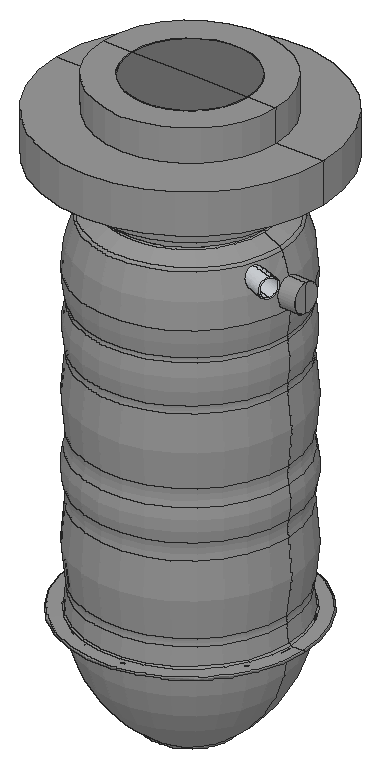
Revit family "142098-Lipumax NS 10", category Plumbing Fixtures, host Floor, Revit 2016
Family settings
  Host = Floor
  Part Type = Normal
  Round Connector Dimension = Use Diameter
  Work Plane-Based = No
  Always vertical = Yes
  Cut with Voids When Loaded = No
  Shared = No
  Room Calculation Point = No
Parameters (values of type "142098-Lipumax with (142299-Rhinocast Class D circular cover, R C collar, load distr. plate & riser)")
  e-mail Sales = "sales@acoaus.com.au"
  Watermarked with = "BIM Manager Premium Suite"
  Watermarked By = "www.acopassavant.com.au"
  Watermark2 = "This file is water marked and users are prohibited to reproduce, adapt, distribute this information"
  Watermark1 = "This file is the property of ACO Passavant"
  Void end [instance] = -(Lipumax depth from floor)  # -3376 mm
  URL = "www.acopassavant.com.au"
  Type Comments = "ACO Passavant Lipumax NS 10 / 2798 L"
  Top_Raising ring [instance] = and(not([142311-Load Distribution plate]), (Riser Tube))  # no
  Telephone = "+61 (0) 2 4747 4000"
  Riser tube product code 142350 = "Adds between 367-607mm to overall height. 22kg"
  Riser tube product code 142134 = "N/A"
  Revision = "0"
  Raising ring_extrapart depth [instance] = if([142311-Load Distribution plate], 178 mm, 258.2 mm)  # 178 mm
  Raising ring depth [instance] = if([142311-Load Distribution plate], Cover Depth - 48 mm + 158 mm - 50 mm, if(and(Cover Depth = 200 mm, Top_Raising ring), Cover Depth, if(and(Cover Depth = 150 mm, Top_Raising ring), Cover Depth - 48 mm, if(Riser Tube, Cover Depth - 28 mm, Lipumax depth from floor - 20 mm))))  # 240 mm
  Product brochure = "www.acopassavant.com.au/resources"
  Product Weight = "125"
  Product Standard = "EN 1825"
  Product Page URL = "www.acopassavant.com.au"
  Product Dimensions = "1321 x 2798"
  Product Code = "142098"
  Price = "0.00"
  Model Description = "Below ground gravity grease separator"
  Model = "ACO Passavant Lipumax NS 10 / 2798 L"
  Manufacturer = "ACO Polycrete Pty Ltd"
  Maintenance guidelines = "www.acopassavant.com.au/resources/installation"
  Load distribution plate product code 142311 = "733kg"
  Installation guidelines = "www.acopassavant.com.au/resources/technical-data"
  Grease separator lid material = ACOIron, Ductile
  Grease separator body material = Polyethylene
  GCW inlet pipe [instance] = and(GCW, Riser Tube)  # no
  Flow rate = "10 L/s out flow of treated effluent to EN 1825"
  Flow distributor 160Ø product code 142102 = "160Ø. Black HDPE pipe, 1.3kg"
  Flow distributor 160Ø [instance] = no
  Flow distributor 110Ø product code 142101 = "110Ø. Black HDPE pipe, 0.6kg"
  Flow distributor 110Ø [instance] = no
  Fax = "+44 (2) 4747 4040"
  Created by = "www.acoaus.com.au"
  Cost = 0
  Collar and/or load distribution plate = Reinforced Concrete
  Class D = yes
  Class B = no
  Baffle cap to suit NS 2-4 product code 142105 = "2 xBaffle cap 190Ø x  68 high. Black plastic and rubber 0.1kg"
  Baffle cap to suit NS 2-4 [instance] = no
  Assembly Code = "D2030400"
  Address = "134-140 Old Bathurst Road, Emu Plains, NSW 2750, Australia"
  Riser Tube [instance] = yes
  142311-Load Distribution plate [instance] = yes
  Lipumax depth from floor [instance] = if(and(not(Riser Tube), Cover Depth = 180 mm), Cover Depth + 220.4 mm + 2828 mm, if(and(not(Riser Tube), Cover Depth = 130 mm), Cover Depth - 10 mm + 2828 mm, if(and(Riser Tube, GCW inlet pipe, not([142311-Load Distribution plate]), Class D), 3635 mm, if(and(Riser Tube, GCW inlet pipe, not([142311-Load Distribution plate]), Class B), 3555 mm, if(and(Riser Tube, not(GCW inlet pipe), not([142311-Load Distribution plate]), Lipumax depth < 3395 mm), 3395 mm, if(and(Riser Tube, not(GCW inlet pipe), not([142311-Load Distribution plate]), Lipumax depth < 3326 mm), 3326 mm, if(and(Riser Tube, not(GCW inlet pipe), not([142311-Load Distribution plate]), Lipumax depth > 3635 mm), 3635 mm, if(and(Riser Tube, [142311-Load Distribution plate], Class D, not(GCW inlet pipe), Lipumax depth > 3616 mm), 3616 mm, if(and(Riser Tube, [142311-Load Distribution plate], Class B, not(GCW inlet pipe), Lipumax depth > 3566 mm), 3566 mm, if(and(Riser Tube, [142311-Load Distribution plate], Class D, not(GCW inlet pipe), Lipumax depth < 3376 mm), 3376 mm, if(and(Riser Tube, [142311-Load Distribution plate], Class B, not(GCW inlet pipe), Lipumax depth < 3326 mm), 3326 mm, if(and(Riser Tube, [142311-Load Distribution plate], Class D, (GCW inlet pipe)), 3635 mm, if(and(Riser Tube, [142311-Load Distribution plate], Class B, (GCW inlet pipe)), 3555 mm, Lipumax depth)))))))))))))  # 3376 mm
  Lipumax depth [instance] = 2000 mm
  GCW = no
  Cover Depth = 180 mm
Types (8, lengths in mm): name | Void end | Top_Raising ring | Riser tube product code 142350 | Riser tube product code 142134 | Raising ring_extrapart depth | Raising ring depth | Grease separator lid material | GCW inlet pipe | Class D | Class B | Riser Tube | 142311-Load Distribution plate | Lipumax depth from floor | Lipumax depth | GCW | Cover Depth
  142098-Lipumax with (142120-Rhinocast Class B circular cover, R C collar) | -2948 | no | "Adds between 367-607mm to overall height. 22kg" | "N/A" | 258.2 | 2928 | ACOIron, Ductile | no | no | yes | no | no | 2948 | 700 | no | 130
  142098-Lipumax with (142137-GCW Rhinocast Class D circular cover, R C collar, load distr. plate & GCW riser) | -3635 | no | "N/A" | "Adds between 367-607mm to overall height" | 178 | 240 | ACOIron, Ductile | yes | yes | no | yes | yes | 3635 | 600 | yes | 180
  142098-Lipumax with (142138-GCW SAKU Class B circular cover, R C collar and GCW riser) | -3555 | yes | "N/A" | "Adds between 367-607mm to overall height" | 258.2 | 102 | ACO Polypropylene | yes | no | yes | yes | no | 3555 | 600 | yes | 130
  142098-Lipumax with (142299-Rhinocast Class D circular cover, R C collar, load distr. plate & riser) | -3376 | no | "Adds between 367-607mm to overall height. 22kg" | "N/A" | 178 | 240 | ACOIron, Ductile | no | yes | no | yes | yes | 3376 | 2000 | no | 180
  142098-Lipumax with (142099-Rhinocast Class D circular cover, R C collar) | -3228.4 | no | "Adds between 367-607mm to overall height. 22kg" | "N/A" | 258.2 | 3208.4 | ACOIron, Ductile | no | yes | no | no | no | 3228.4 | 600 | no | 180
  142098-Lipumax with (142155-GCW Rhinocast Class D circular cover, R C collar and GCW riser) | -3635 | yes | "N/A" | "Adds between 367-607mm to overall height" | 258.2 | 152 | ACOIron, Ductile | yes | yes | no | yes | no | 3635 | 600 | yes | 180
  142098-Lipumax with (142139-GCW Rhinocast Class B circular cover, R C collar and GCW riser) | -3555 | yes | "N/A" | "Adds between 367-607mm to overall height" | 258.2 | 102 | ACOIron, Ductile | yes | no | yes | yes | no | 3555 | 200 | yes | 130
  142098-Lipumax with (142119-SAKU Class B circular cover, R C collar) | -2948 | no | "Adds between 367-607mm to overall height. 22kg" | "N/A" | 258.2 | 2928 | ACO Polypropylene | no | no | yes | no | no | 2948 | 600 | no | 130
Reference planes
  plane 1 "Center (Front/Back)": y = 0
  plane 2: z = 0
  plane 3 "Center (Left/Right)": x = 0
  plane 4: z = -180
  plane 5: z = -418
  plane 6: z = -240
Forms (mm)
  Revolve 1, solid, material "Reinforced Concrete" <- "Collar and/or load distribution plate"
    sketch origin (0, 0, 0) x (1, 0, 0) y (0, 0, 1)
      loop
        line (-500, -200) -> (-301.5, -200) -> (-301.5, -72) -> (-350, -72) -> (-350, -60) -> (-339.144, -60) -> (-336, 0) -> (-500, 0) -> (-500, -200)
      axis (0, 0) -> (0, -200)
    angle from 0 to 360
  Revolve 2, solid, material "ACOIron, Ductile" <- "Grease separator lid material"
    sketch origin (0, 0, 0) x (1, 0, 0) y (0, 0, 1)
      loop
        line (-339.144, -60) -> (-350, -60) -> (-350, -72) -> (-301.5, -72) -> (0, -72) -> (0, 0) -> (-336, 0) -> (-339.144, -60)
      axis (0, 0) -> (0, -72)
    angle from 0 to 360
  Revolve 3, solid, material "Reinforced Concrete" <- "Collar and/or load distribution plate", visible <- "142311-Load Distribution plate"
    sketch origin (0, 0, 0) x (1, 0, 0) y (0, 0, 1)
      loop
        line (-775, -180) -> (-775, -408) -> (-425, -408) -> (-432.264, -200) -> (-500, -200) -> (-500, -180) -> (-775, -180)
      axis (0, -180) -> (0, -408)
    angle from 0 to 360
  Revolve 4, solid, material "Polyethylene" <- "Grease separator body material", visible <- "Riser Tube"
    sketch origin (0, 0, -259.203) x (1, 0, 0) y (0, 0, 1)
      loop
        line (-420, -38.797) -> (-420, -138.024)
        arc (-420, -138.024) -> (-422.75, -144.901) -> (-429.477, -148) r 10
        line (-429.477, -148) -> (-521, -152.797) -> (-521, -164.797) -> (-429.501, -169.595)
        arc (-429.501, -169.595) -> (-422.754, -172.69) -> (-419.999, -179.584) r 10.001
        line (-419.999, -179.584) -> (-419.999, -636.797) -> (-412, -636.797) -> (-412, -201.797) -> (-412, -46.797) -> (-412, -38.797) -> (-420, -38.797)
      axis (0, -38.797) -> (0, -636.797)
    angle from 0 to 360
  Extrusion 5, void
    sketch origin (0, 0, 0) x (1, 0, 0) y (0, 1, 0)
      loop
        circle (0, 0) r 500
    from 0 to -200
  Extrusion 6, void
    sketch origin (0, 0, 0) x (1, 0, 0) y (0, 1, 0)
      loop
        circle (0, 0) r 775
    from -180 to -3376 <- "Void end"
  Revolve 7, solid, visible <- "Top_Raising ring"
    sketch origin (0, 0, 0) x (1, 0, 0) y (0, 0, 1)
      loop
        arc (-521, -288) -> (-518.071, -295.071) -> (-511, -298) r 10
        line (-511, -298) -> (-411.755, -298) -> (-411.755, -290) -> (-511, -290)
        arc (-511, -290) -> (-512.415, -289.413) -> (-513, -287.996) r 2
        line (-513, -287.996) -> (-513, -240) -> (-521, -240) -> (-521, -288)
      axis (0, -240) -> (0, -298)
    angle from 0 to 360
  Revolve 8, solid, visible <- "GCW inlet pipe"
    sketch origin (0, 0, 0) x (1, 0, 0) y (0, 0, 1)
      loop
        line (412, -453.857) -> (412, -458.857) -> (572.741, -458.857) -> (572.741, -453.857) -> (412, -453.857)
      axis (412, -508.857) -> (572.741, -508.857)
    angle from 0 to 360
Dimensions and locks
  "Cover Depth": plane 2 to plane 4
  locked: Revolve 7 sketch curve to Revolve 7 sketch curve at 8
  locked: plane 5 to Revolve 4 sketch curve at 478
  "Raising ring_extrapart depth": plane 6 to plane 5
  "Raising ring depth": plane 2 to plane 6
  Revolve 3 sketch curve to Revolve 3 sketch curve to Revolve 3 sketch curve = 20 mm locked, 208 mm locked
  "Cover Depth": plane 2 to Revolve 3 sketch curve
  Revolve 8 sketch curve to Revolve 8 sketch curve to Revolve 8 sketch curve = 5 mm locked, 50 mm locked
  locked: plane 5 to Revolve 8 sketch curve at 90.857
  "Lipumax depth from floor": plane 2 to nested 1
  aligned and locked: level to plane 2
  aligned and locked: nested 1 to plane 3 "Center (Left/Right)"  (x2)
  aligned and locked: Revolve 1 sketch curve to plane 3 "Center (Left/Right)"
  aligned and locked: Revolve 2 sketch curve to plane 3 "Center (Left/Right)"
  aligned and locked: Revolve 2 sketch curve to Revolve 1
  aligned and locked: Revolve 1 to Revolve 2 sketch curve
  aligned and locked: Revolve 1 to plane 2
  aligned and locked: Revolve 3 sketch curve to plane 3 "Center (Left/Right)"
  aligned and locked: Revolve 4 sketch curve to plane 3 "Center (Left/Right)"
  aligned and locked: nested 1 to plane 1 "Center (Front/Back)"
  aligned and locked: Extrusion 5 sketch curve to Revolve 1
  aligned and locked: Extrusion 6 sketch curve to Revolve 3  (x2)
  aligned and locked: plane 2 to Extrusion 5
  aligned and locked: Revolve 7 sketch curve to plane 3 "Center (Left/Right)"
  aligned and locked: plane 6 to Revolve 7
  aligned and locked: Revolve 1 sketch curve to Revolve 3
  aligned and locked: Extrusion 6 to plane 4
  aligned and locked: Extrusion 5 to Revolve 1
Automatic sketch dimensions
  Revolve 2 sketch curve to plane 3 "Center (Left/Right)" = 0 mm
  Revolve 2 sketch curve to plane 3 "Center (Left/Right)" = 301.5 mm
  Revolve 2 sketch curve to Revolve 2 sketch curve = 34.5 mm
  Revolve 2 sketch curve to level = 60 mm
  Revolve 2 sketch curve to Revolve 2 sketch curve = 37.644 mm
  Revolve 2 sketch curve to Revolve 2 sketch curve = 10.856 mm
  Revolve 2 sketch curve to Revolve 2 sketch curve = 1000 mm
  Revolve 7 sketch curve to plane 3 "Center (Left/Right)" = 521 mm
  Revolve 7 sketch curve to Revolve 7 sketch curve = 2 mm
  Revolve 7 sketch curve to Revolve 7 sketch curve = 0 mm  (x3)
  Revolve 7 sketch curve to Revolve 7 sketch curve = 99.245 mm
  Revolve 7 sketch curve to Revolve 7 sketch curve = 0.004 mm
  Revolve 7 sketch curve to Revolve 7 sketch curve = 47.996 mm
  level to Revolve 7 sketch curve = 1000 mm
  Revolve 7 sketch curve to Revolve 7 sketch curve = 8 mm
  plane 4 to Revolve 2 sketch curve = 850 mm
  Revolve 7 sketch curve to Revolve 7 sketch curve = 730 mm
  Revolve 7 sketch curve to plane 6 = 0 mm
  Revolve 4 sketch curve to plane 3 "Center (Left/Right)" = 412 mm
  Revolve 4 sketch curve to Revolve 4 sketch curve = 7.999 mm
  Revolve 4 sketch curve to Revolve 4 sketch curve = 8 mm  (x2)
  plane 5 to Revolve 4 sketch curve = 10.798 mm
  Revolve 4 sketch curve to Revolve 4 sketch curve = 9.502 mm
  Revolve 4 sketch curve to Revolve 4 sketch curve = 10 mm
  Revolve 4 sketch curve to Revolve 4 sketch curve = 10.001 mm
  Revolve 4 sketch curve to plane 5 = 6 mm
  Revolve 4 sketch curve to Revolve 4 sketch curve = 91 mm
  plane 5 to Revolve 4 sketch curve = 6 mm
  Revolve 4 sketch curve to plane 5 = 20.773 mm
  Revolve 4 sketch curve to Revolve 4 sketch curve = 0.01 mm
  plane 6 to Revolve 4 sketch curve = 66 mm
  Revolve 4 sketch curve to plane 5 = 10.797 mm
  Revolve 4 sketch curve to Revolve 4 sketch curve = 0.523 mm
  Revolve 4 sketch curve to Revolve 4 sketch curve = 0 mm
  Revolve 4 sketch curve to Revolve 4 sketch curve = 103.203 mm
  Revolve 4 sketch curve to Revolve 4 sketch curve = 22.213 mm
  level to Revolve 4 sketch curve = 740.797 mm
  Revolve 1 sketch curve to level = 0 mm
  Revolve 1 sketch curve to level = 72 mm
  Revolve 1 sketch curve to plane 3 "Center (Left/Right)" = 301.5 mm
  Revolve 1 sketch curve to Revolve 1 sketch curve = 34.5 mm
  Revolve 1 sketch curve to level = 60 mm
  Revolve 1 sketch curve to Revolve 1 sketch curve = 37.644 mm
  Revolve 1 sketch curve to Revolve 1 sketch curve = 10.856 mm
  Revolve 1 sketch curve to Revolve 1 sketch curve = 150 mm
  plane 5 to Revolve 1 sketch curve = 562 mm
  level to Revolve 1 sketch curve = 1000 mm
  plane 3 "Center (Left/Right)" to Revolve 8 sketch curve = 572.741 mm
  Revolve 8 sketch curve to Revolve 8 sketch curve = 160.741 mm
  Revolve 8 sketch curve to Revolve 8 sketch curve = 39.259 mm
  Revolve 8 sketch curve to Revolve 8 sketch curve = 20 mm
  Revolve 3 sketch curve to plane 3 "Center (Left/Right)" = 425 mm
  Revolve 3 sketch curve to Revolve 3 sketch curve = 7.264 mm
  Revolve 3 sketch curve to Revolve 3 sketch curve = 67.736 mm
  Revolve 3 sketch curve to Revolve 3 sketch curve = 275 mm
  plane 5 to Revolve 3 sketch curve = 582 mm
  level to Revolve 3 sketch curve = 1000 mm
Nested families
  nested 1: "Lipumax" at (0, 0, -547.685), Grease separator body material <- "Grease separator body material", type "Lipumax"
    with Grease separator body material Polyethylene
Connectors
  piping at (-685, 0, -857.685), diameter 160
    settings: on nested 1, index 1, connector inside diameter 609.6 mm, connector length 0 mm, flow factor 0, pipe flow 8.5 L/s, pressure drop 0.0 Pa, fitting loss kfactor 0, connector angle 0.00°, fixture units 0, engagement length 0 mm, angle of deflection 0.00°, flow configuration 1, flow direction 1, fitting loss method 0, system type 16, joint type 0, gender type 0, connector reference index -1, connector utility 0, adjustable connector yes, is connector primary yes, connector description "Inlet_Pipe Connector"
  piping at (-613.483, 219.347, -793.92), diameter 110
    settings: on nested 1, index 3, connector inside diameter 609.6 mm, connector length 0 mm, flow factor 0, pipe flow 0.0 L/s, pressure drop 0.0 Pa, fitting loss kfactor 0, connector angle 0.00°, fixture units 0, engagement length 0 mm, angle of deflection 0.00°, flow configuration 0, flow direction 0, fitting loss method 0, system type 17, joint type 0, gender type 0, connector reference index -1, connector utility 0, adjustable connector yes, is connector primary no, connector description "Vent1"
  piping at (632.788, -218.614, -793.92), diameter 110
    settings: on nested 1, index 4, connector inside diameter 609.6 mm, connector length 0 mm, flow factor 0, pipe flow 0.0 L/s, pressure drop 0.0 Pa, fitting loss kfactor 0, connector angle 0.00°, fixture units 0, engagement length 0 mm, angle of deflection 0.00°, flow configuration 0, flow direction 0, fitting loss method 0, system type 17, joint type 0, gender type 0, connector reference index -1, connector utility 0, adjustable connector yes, is connector primary no, connector description "Vent2"
  piping at (675.258, 0, -927.685), diameter 160
    settings: on nested 1, index 5, connector inside diameter 609.6 mm, connector length 0 mm, flow factor 0, pipe flow 8.5 L/s, pressure drop 0.0 Pa, fitting loss kfactor 0, connector angle 0.00°, fixture units 0, engagement length 0 mm, angle of deflection 0.00°, flow configuration 1, flow direction 2, fitting loss method 0, system type 16, joint type 0, gender type 0, connector reference index -1, connector utility 0, adjustable connector yes, is connector primary no, connector description ""
Definition of nested family "Lipumax"
  Parameters
    Type Comments = "﻿﻿                  ​        ​                       ﻿​    ﻿ ﻿  ﻿    ​﻿﻿  ​                       ﻿ ﻿  ﻿ ﻿  ﻿    ﻿                     ​   ﻿​   ​﻿          ﻿          ﻿            ​                   ​        ﻿     ​﻿ ​  ​         ﻿      ​           ﻿     ​               ​﻿  ﻿                ﻿      ﻿   ﻿     ﻿﻿"
    Keynote = "﻿﻿                  ​        ​                       ﻿​    ﻿ ﻿  ﻿    ​﻿﻿  ​                       ﻿ ﻿  ﻿ ﻿  ﻿    ﻿                     ​   ﻿​   ​﻿          ﻿          ﻿            ​                   ​        ﻿     ​﻿ ​  ​         ﻿      ​           ﻿     ​               ​﻿  ﻿                ﻿      ﻿   ﻿     ﻿﻿"
    Grease separator body material [instance] = none
    Description = "﻿﻿                  ​        ​                       ﻿​    ﻿ ﻿  ﻿    ​﻿﻿  ​                       ﻿ ﻿  ﻿ ﻿  ﻿    ﻿                     ​   ﻿​   ​﻿          ﻿          ﻿            ​                   ​        ﻿     ​﻿ ​  ​         ﻿      ​           ﻿     ​               ​﻿  ﻿                ﻿      ﻿   ﻿     ﻿﻿"
    Assembly Code = "﻿﻿                  ​        ​                       ﻿​    ﻿ ﻿  ﻿    ​﻿﻿  ​                       ﻿ ﻿  ﻿ ﻿  ﻿    ﻿                     ​   ﻿​   ​﻿          ﻿          ﻿            ​                   ​        ﻿     ​﻿ ​  ​         ﻿      ​           ﻿     ​               ​﻿  ﻿                ﻿      ﻿   ﻿     ﻿﻿"
  Reference planes
    plane 1 "Center (Front/Back)": y = 0
    plane 2: z = 0
    plane 3 "Center (Left/Right)": x = 0
    plane 4: through (-779.2, 277.582, 1200) normal (0.3315, 0.9434, 0)
    plane 5: z = -2828.315
  Forms (mm)
    Revolve 1, solid, material <- "Grease separator body material"
      sketch origin (0, 0, 0) x (1, 0, 0) y (0, 0, 1)
        loop
          arc (235, -2828.315) -> (240.776, -2824.779) -> (240.253, -2818.027) r 6.485
          arc (240.253, -2818.027) -> (474.107, -2572.349) -> (575.202, -2248.581) r 746.943
          arc (575.202, -2248.581) -> (578.18, -2242.171) -> (584.652, -2239.33) r 10
          line (584.652, -2239.33) -> (655.684, -2235.608)
          arc (655.684, -2235.608) -> (661.217, -2229.777) -> (655.684, -2223.946) r 5.839
          line (655.684, -2223.946) -> (583.958, -2220.187)
          arc (583.958, -2220.187) -> (577.839, -2217.426) -> (575.201, -2211.251) r 9.247
          arc (575.201, -2211.251) -> (571.633, -2163.208) -> (564.059, -2115.632) r 575.5
          arc (564.059, -2115.632) -> (562.079, -2094.5) -> (564.604, -2073.428) r 100
          arc (564.604, -2073.428) -> (589.369, -1869.652) -> (571.274, -1665.177) r 983.017
          arc (571.274, -1665.177) -> (567.811, -1616.949) -> (576.022, -1569.3) r 200
          arc (576.022, -1569.3) -> (589.5, -1477.593) -> (576.022, -1385.885) r 318.75
          arc (576.022, -1385.885) -> (567.811, -1338.236) -> (571.274, -1290.009) r 200
          arc (571.274, -1290.009) -> (589.484, -1095.926) -> (569.038, -902.067) r 983.017
          arc (569.038, -902.067) -> (567.069, -881.509) -> (569.589, -861.011) r 95
          arc (569.589, -861.011) -> (582.329, -747.484) -> (567.829, -634.169) r 479.089
          arc (567.829, -634.169) -> (566.165, -621.283) -> (567.571, -608.366) r 55
          arc (567.571, -608.366) -> (580.417, -535.157) -> (585.428, -461) r 700
          arc (585.428, -461) -> (572.973, -319.114) -> (532.055, -182.686) r 700
          arc (532.055, -182.686) -> (526.6, -173.922) -> (518.619, -167.375) r 31.714
          line (518.619, -167.375) -> (435.595, -119.441)
          arc (435.595, -119.441) -> (432.231, -116.077) -> (431, -111.482) r 9.19
          line (431, -111.482) -> (431, -48)
          arc (431, -48) -> (433.929, -40.929) -> (441, -38) r 10
          line (441, -38) -> (518, -38) -> (521.325, 0) -> (513.294, 0) -> (510.669, -30) -> (441, -30)
          arc (441, -30) -> (428.272, -35.272) -> (423, -48) r 18
          line (423, -48) -> (423, -111.482)
          arc (423, -111.482) -> (425.303, -120.077) -> (431.595, -126.369) r 17.19
          line (431.595, -126.369) -> (514.619, -174.303)
          arc (514.619, -174.303) -> (520.587, -179.199) -> (524.666, -185.752) r 23.714
          arc (524.666, -185.752) -> (565.116, -320.621) -> (577.429, -460.885) r 692
          arc (577.429, -460.885) -> (572.475, -534.195) -> (559.776, -606.567) r 692
          arc (559.776, -606.567) -> (558.165, -621.363) -> (560.071, -636.124) r 63
          arc (560.071, -636.124) -> (574.329, -747.546) -> (561.802, -859.177) r 471.089
          arc (561.802, -859.177) -> (559.07, -881.401) -> (561.204, -903.691) r 103
          arc (561.204, -903.691) -> (581.484, -1095.973) -> (563.422, -1288.475) r 975.017
          arc (563.422, -1288.475) -> (559.821, -1338.632) -> (568.361, -1388.187) r 208
          arc (568.361, -1388.187) -> (581.5, -1477.593) -> (568.361, -1566.999) r 310.75
          arc (568.361, -1566.999) -> (559.821, -1616.554) -> (563.422, -1666.71) r 208
          arc (563.422, -1666.71) -> (581.37, -1869.522) -> (556.806, -2071.638) r 975.017
          arc (556.806, -2071.638) -> (554.08, -2094.397) -> (556.218, -2117.219) r 108
          arc (556.218, -2117.219) -> (563.686, -2164.134) -> (567.205, -2211.51) r 567.5
          arc (567.205, -2211.51) -> (572.125, -2223.025) -> (583.54, -2228.176) r 17.247
          line (583.54, -2228.176) -> (614.083, -2229.777) -> (584.233, -2231.341)
          arc (584.233, -2231.341) -> (572.583, -2236.454) -> (567.224, -2247.993) r 18
          arc (567.224, -2247.993) -> (462.953, -2575.439) -> (221.852, -2820.315) r 738.943
          line (221.852, -2820.315) -> (0, -2820.315) -> (0, -2828.315) -> (235, -2828.315)
        axis (0, 0) -> (0, -2828.315)
      angle from 0 to 360
    Revolve 2, solid, material <- "Grease separator body material"
      sketch origin (0, 0, 0) x (1, 0, 0) y (0, 0, 1)
        loop
          line (-548.629, -230) -> (-680, -230) -> (-685, -231.34) -> (-685, -310) -> (-565.102, -310)
          arc (-565.102, -310) -> (-563.834, -309.547) -> (-563.141, -308.394) r 2
          line (-563.141, -308.394) -> (-547.648, -231.197)
          arc (-547.648, -231.197) -> (-547.855, -230.366) -> (-548.629, -230) r 1
        axis (-685, -310) -> (-547.648, -310)
      angle from 0 to 360
    Revolve 3, solid
      sketch origin (-779.2, 277.582, 1200) x (-0.943441, 0.331541, 0) y (0, 0, 1)
        loop
          line (-175.652, -1391.098) -> (-326.221, -1391.098) -> (-327.215, -1391.098) -> (-327.215, -1396.098) -> (-175.652, -1396.098) -> (-175.652, -1391.098)
        axis (-327.215, -1446.234) -> (-175.652, -1446.234)
      angle from 0 to 360
    Revolve 4, solid
      sketch origin (781.551, -270.892, 1200) x (0.943441, -0.331541, 0) y (0, 0, -1)
        loop
          line (-157.681, 1391.098) -> (-157.681, 1396.098) -> (-327.215, 1396.098) -> (-327.215, 1391.098) -> (-326.221, 1391.098) -> (-157.681, 1391.098)
        axis (-327.215, 1446.234) -> (-157.681, 1446.234)
      angle from 0 to 360
    Revolve 5, solid, material <- "Grease separator body material"
      sketch origin (-9.742, 0, -69.319) x (-1, 0, 0) y (0, 0, 1)
        loop
          line (-573.738, -230.681) -> (-682.542, -230.681) -> (-685, -231.34) -> (-685, -310.681) -> (-590.211, -310.681)
          arc (-590.211, -310.681) -> (-588.943, -310.228) -> (-588.25, -309.075) r 2
          line (-588.25, -309.075) -> (-572.757, -231.878)
          arc (-572.757, -231.878) -> (-572.964, -231.048) -> (-573.738, -230.681) r 1
        axis (-685, -310.681) -> (-572.757, -310.681)
      angle from 0 to 360
  Cuts and joins
    joined: Revolve 1, Revolve 2
  Lines and regions (mm)
    reference lines
      curve 1: line (0, 0, 0) -> (0, 0, -2060)
  Dimensions and locks
    locked: Revolve 3 sketch curve to Revolve 3 sketch curve at 50.136
    locked: Revolve 3 sketch curve to Revolve 3 sketch curve at 5
    locked: Revolve 4 sketch curve to Revolve 4 sketch curve at 50.136
    locked: Revolve 4 sketch curve to Revolve 4 sketch curve at 5
    aligned and locked: level to plane 2
    aligned and locked: Revolve 1 sketch curve to plane 3 "Center (Left/Right)"
    aligned and locked: curve 1 to plane 3 "Center (Left/Right)"
    aligned and locked: plane 4 to Revolve 3
    aligned and locked: plane 5 to Revolve 1 sketch curve
    aligned and locked: Revolve 1 sketch curve to level
    aligned and locked: Revolve 5 sketch curve to Revolve 5 sketch curve
